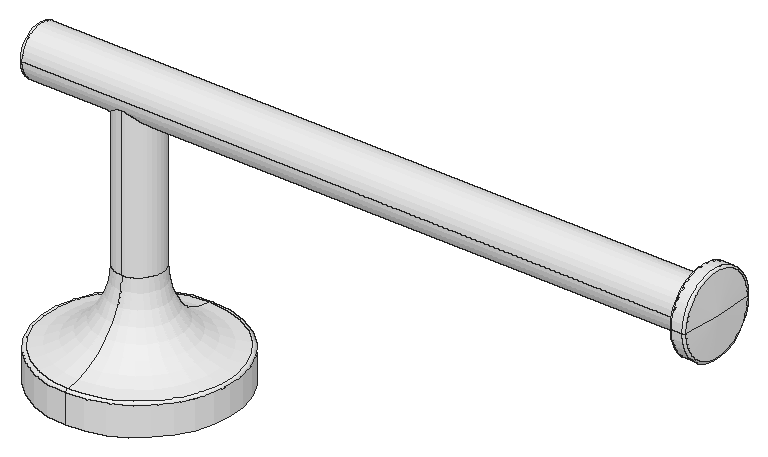
Revit family "Toilet Roll Holder-Single-Dorf Kip1", category Specialty Equipment, host Face, Revit 2014
Parameters (values of type "Standard")
  Width_ANZRS = 74 mm  # constant formula
  URL = "http://specify.caroma.com.au/"
  Type Comments = "Dorf Kip Toilet Roll Holder"  # constant formula
  ModifiedIssue_ANZRS = 20150421.01  # constant formula
  Model = "872886C"  # constant formula
  Material_ANZRS = Metal-Chrome-Caroma
  Manufacturer = "GWA Bathrooms & Kitchens"  # constant formula
  Length_ANZRS = 167 mm  # constant formula
  Height_ANZRS = 44 mm  # constant formula
  Description = "The Dorf Kip collection, complete with a full range of bathroom accessories and mixer taps offers a streamlined design, versatility and lasting quality."  # constant formula
  Default Elevation = 500 mm
  CreatedBy_ANZRS = "Design Content"  # constant formula
  CreatedByURL_ANZRS = "http://www.designcontent.com.au"
  Cost = 0
  Assembly Code = "C1030200"
Reference planes
  plane 1 "Center (Elevation)": y = 0
  plane 2 "Back": z = 0
  plane 3 "Center (Left/Right)": x = 0
  plane 4 "Bottom": y = -22
  plane 5 "Top": y = 22
  plane 6 "Right": x = 141.995
  plane 7 "Left": x = -25.005
  plane 8 "Revolve": z = 64
  plane 9: z = 74
Forms (mm)
  Revolve 1, solid, material "Metal-Chrome-Caroma" <- "Material_ANZRS"
    sketch origin (0, 0, 0) x (0, 1, 0) y (0, 0, 1)
      loop
        line (0, 0) -> (22.534, 0) -> (22.534, 7.033)
        arc (22.534, 7.033) -> (22.22, 7.455) -> (21.7, 7.539) r 0.7
        arc (21.7, 7.539) -> (10.127, 13.368) -> (5.5, 25.472) r 17.937
        line (5.5, 25.472) -> (5.5, 65) -> (0, 65) -> (0, 0)
      axis (0, 65) -> (0, 0)
    angle from 0 to 360
  Revolve 2, solid, material "Metal-Chrome-Caroma" <- "Material_ANZRS"
    sketch origin (0, 0, 64) x (1, 0, 0) y (0, 1, 0)
      loop
        line (-25, 0) -> (142, 0)
        arc (142, 0) -> (141.88, 4.755) -> (141.547, 9.5) r 105.91
        arc (141.547, 9.5) -> (141.326, 9.859) -> (140.929, 10) r 0.631
        line (140.929, 10) -> (138.429, 10)
        arc (138.429, 10) -> (138.035, 9.837) -> (137.849, 9.453) r 0.6
        arc (137.849, 9.453) -> (137.704, 7.727) -> (137.573, 6) r 220.924
        line (137.573, 6) -> (-23.879, 6)
        arc (-23.879, 6) -> (-24.583, 5.708) -> (-24.874, 5.005) r 0.995
        arc (-24.874, 5.005) -> (-24.955, 2.503) -> (-25, 0) r 170.511
      axis (-25, 0) -> (142, 0)
    angle from 0 to 360
Cuts and joins
  joined: Revolve 1, Revolve 2
Dimensions and locks
  "Length_ANZRS": plane 7 "Left" to plane 6 "Right"
  equal spacing: plane 4 "Bottom", plane 1 "Center (Elevation)", plane 5 "Top"
  "Height_ANZRS": plane 4 "Bottom" to plane 5 "Top"
  "Width_ANZRS": plane 9 to level
  aligned and locked: plane 2 "Back" to host face
  aligned and locked: level to host face
Automatic sketch dimensions
  host sketch curve to host sketch curve = 2438.4 mm  (x2)
  Revolve 1 sketch curve to plane 1 "Center (Elevation)" = 0 mm  (x2)
  Revolve 1 sketch curve to level = 0 mm
  Revolve 1 sketch curve to Revolve 1 sketch curve = 5.5 mm
  plane 5 "Top" to Revolve 1 sketch curve = 0.143 mm
  Revolve 1 sketch curve to plane 5 "Top" = 0.534 mm
  Revolve 1 sketch curve to plane 5 "Top" = 1.436 mm
  level to Revolve 1 sketch curve = 6.857 mm
  Revolve 1 sketch curve to Revolve 1 sketch curve = 0.176 mm
  Revolve 1 sketch curve to Revolve 1 sketch curve = 18.359 mm
  Revolve 1 sketch curve to Revolve 1 sketch curve = 0.08 mm
  Revolve 1 sketch curve to Revolve 1 sketch curve = 39.528 mm
  Revolve 1 sketch curve to Revolve 1 sketch curve = 7.879 mm
  Revolve 1 sketch curve to Revolve 1 sketch curve = 16.217 mm
  plane 1 "Center (Elevation)" to Revolve 2 sketch curve = 0 mm  (x2)
  Revolve 2 sketch curve to plane 7 "Left" = 0.005 mm
  Revolve 2 sketch curve to plane 7 "Left" = 1.126 mm
  plane 1 "Center (Elevation)" to Revolve 2 sketch curve = 0.294 mm
  plane 3 "Center (Left/Right)" to Revolve 2 sketch curve = 36.09 mm
  plane 6 "Right" to Revolve 2 sketch curve = 4.421 mm
  plane 6 "Right" to Revolve 2 sketch curve = 3.566 mm
  Revolve 2 sketch curve to Revolve 2 sketch curve = 0.017 mm
  plane 6 "Right" to Revolve 2 sketch curve = 1.066 mm
  Revolve 2 sketch curve to plane 6 "Right" = 0.005 mm
  Revolve 2 sketch curve to plane 6 "Right" = 3.507 mm
  plane 1 "Center (Elevation)" to Revolve 2 sketch curve = 9.82 mm
  Revolve 2 sketch curve to Revolve 2 sketch curve = 212.428 mm
  plane 1 "Center (Elevation)" to Revolve 2 sketch curve = 1.785 mm
  Revolve 2 sketch curve to plane 1 "Center (Elevation)" = 5.005 mm
  Revolve 2 sketch curve to Revolve 2 sketch curve = 3.369 mm
  Revolve 2 sketch curve to Revolve 2 sketch curve = 0.032 mm
  Revolve 2 sketch curve to Revolve 2 sketch curve = 0.6 mm
  Revolve 2 sketch curve to Revolve 2 sketch curve = 1.532 mm
  Revolve 2 sketch curve to Revolve 2 sketch curve = 17.197 mm
